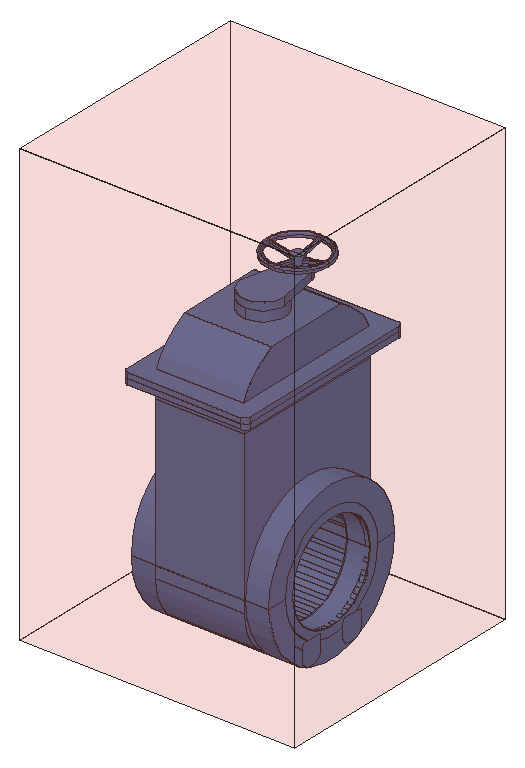
Revit family "Поли-Групп_ЗадвижкаКлиноваяEAZ-МК-F5(ВS)_DN350-1600", category Арматура трубопроводов, Revit 2019
Family settings
  Размер круглого соединителя = Использовать диаметр
  Тип детали = Клапан - Вставляется
  На основе рабочей плоскости = Нет
  Всегда вертикально = Да
  При загрузке вырезать с полостями = Нет
  Общий = Нет
Parameters (values of type "Загрузите типоразмеры из каталог семейств")
  с = H1 - D * 0.5  # 35 mm
  Тип присоединения = "Фланцевое"  # constant formula
  Тип привода = "Редуктор"  # constant formula
  Температура рабочей среды = "0 до +70°С"  # constant formula
  ТВ = "Поли-Групп_ЗадвижкаКлиноваяEAZ-МК-F5(ВS)_DN350-1600"  # constant formula
  Срок службы = "50 лет"  # constant formula
  Сервисная зона_Вкл_Выкл [instance] = yes
  Разработчик = "https://3dbim.pro/"
  Рабочая среда = "Техническая вода, канализационные стоки, морская вода"  # constant formula
  Покрытие = "Высококачественное эпоксидное покрытие толщиной 300 мкм"  # constant formula
  Корпус_Глубина = A * 0.8  # 796.8 mm
  R1 = R * 10  # 275 mm
  L2 = L1 * 0.3  # 111 mm
  L1 = size_lookup(ТВ, "L1", 500 mm, DN, PN)  # 370 mm
  D1 = size_lookup(ТВ, "D1", 340 mm, DN, PN)  # 620 mm
  A = size_lookup(ТВ, "A", 340 mm, DN, PN)  # 996 mm
  l3 = L * 0.9  # 630 mm
  Назначение = "Для установки в качестве запорного устройства на трубопроводах"  # constant formula
  Материал уплотнителя = "PTFE"  # constant formula
  Материал Диска = "Высокопрочный чугун с шаровидным графитом (GGG-40)"  # constant formula
  d1 = DN / 4  # 125 mm
  Класс герметичности = "А по ГОСТ Р 9544-2015"  # constant formula
  Manufacturer = ""
  h2 = H2 * 0.7  # 872.9 mm
  Габаритные размеры = size_lookup(ТВ, "Габаритные размеры", "нет данных", DN, PN)  # "670х700х1617"
  t = h2 * 0.1  # 87.29 mm
  l2 = L * 0.65  # 455 mm
  l1 = L * 0.6  # 420 mm
  b = size_lookup(ТВ, "b", 20 mm, DN, PN)  # 26.5 mm
  PN = 10.0 bar
  H1 = size_lookup(ТВ, "H1", 40 mm, DN, PN)  # 370 mm
  D2 = size_lookup(ТВ, "D2", 295 mm, DN, PN)  # 582 mm
  f = size_lookup(ТВ, "f", 3 mm, DN, PN)  # 4 mm
  URL = ""
  R = size_lookup(ТВ, "R", 40 mm, DN, PN)  # 27.5 mm
  L = size_lookup(ТВ, "L", 500 mm, DN, PN)  # 700 mm
  Kv = size_lookup(ТВ, "Kv", 1.0 m³/h, DN, PN)  # 1.0 m³/h
  H2 = size_lookup(ТВ, "H2", 250 mm, DN, PN)  # 1247 mm
  D_Наружный = DN + 9 mm  # 509 mm
  DN = 500 mm
  D = size_lookup(ТВ, "D", 340 mm, DN, PN)  # 670 mm
  ADSK_Расход жидкости [instance] = 0.0 m³/h
  ADSK_Примечание = ""
  ADSK_Потеря давления жидкости [instance] = (ADSK_Расход жидкости / Kv) ^ 2 * 1.0 bar  # 0.0 bar
  ADSK_Позиция = ""
  ADSK_Обозначение = ""
  ADSK_Наименование краткое = size_lookup(ТВ, "ADSK_Наименование краткое", "нет данных", DN, PN)  # "Задвижка клиновая EAZ MK F5 DN500 PN10"
  ADSK_Наименование = size_lookup(ТВ, "ADSK_Наименование", "нет данных", DN, PN)  # "Задвижка клиновая с металлическим уплотнением EAZ MK F5 для сточных вод фланцевая DN500 PN10"
  ADSK_Материал наименование = "Высокопрочный чугун с шаровидным графитом (GGG-40)"  # constant formula
  ADSK_Материал = Высокопрочный чугун GGG-40
  ADSK_Масса_Текст = size_lookup(ТВ, "ADSK_Масса_Текст", "нет данных", DN, PN)  # "655"
  ADSK_Масса = size_lookup(ТВ, "ADSK_Масса", 0, DN, PN)  # 655
  ADSK_Марка = size_lookup(ТВ, "ADSK_Код изделия", "нет данных", DN, PN)  # "EAZ-GV-3-F5 DN500 PN10"
  ADSK_Количество = 1  # constant formula
  ADSK_Код изделия = ""
  ADSK_Завод-изготовитель = "ООО ПК «Поли-Групп»"  # constant formula
  ADSK_Единица измерения = "шт"  # constant formula
  ADSK_Версия Revit = "2019"  # constant formula
  ADSK_URL страницы изделия = "https://www.polycorr.ru/"
Reference planes
  plane 1 "По центру (Вперед/Назад)": y = 0
  plane 2: z = 0
  plane 3 "По центру (Влево/Вправо)": x = 0
  plane 4: y = 250
  plane 5: y = -250
  plane 6: x = -350
  plane 7: x = 350
  plane 8: x = -154
  plane 9: x = 154
  plane 10: y = 291
  plane 11: y = -291
  plane 12: y = 398.4
  plane 13: y = -398.4
  plane 14 "Корпус": z = 872.9
  plane 15: z = 846.4
  plane 16: z = 759.11
  plane 17: x = -227.5
  plane 18: x = 227.5
  plane 19: x = -210
  plane 20: x = 210
  plane 21: y = 498
  plane 22: y = -498
  plane 23: x = 315
  plane 24: x = -315
  plane 25: y = 398.4
  plane 26: y = -398.4
  plane 27: x = -5
  plane 28: x = 5
  plane 29: z = 250
  plane 30: z = -250
  plane 31 "Штурвал": z = 1247
  plane 32: y = -185
  plane 33: y = 185
  plane 34: z = -370
  plane 35: z = -335
  plane 36: y = -74
  plane 37: y = 74
Forms (mm)
  Revolve 1, solid, material "Высокопрочный чугун GGG-40" <- "ADSK_Материал", detail levels fine
    sketch origin (0, 0, 0) x (1, 0, 0) y (0, 1, 0)
      loop
        line (-350, 398.4) -> (-350, 0) -> (350, 0) -> (350, 398.4) -> (-350, 398.4)
      axis (-350, 0) -> (350, 0)
    angle from 0 to 360
  Extrusion 2, solid, material "Высокопрочный чугун GGG-40" <- "ADSK_Материал", detail levels fine
    sketch origin (-117.677, -1524, 846.4) x (-1, 0, 0) y (0, -1, 0)
      loop
        arc (169.823, -2022) -> (189.268, -2013.945) -> (197.323, -1994.5) r 27.5
        line (197.323, -1994.5) -> (197.323, -1053.5)
        arc (197.323, -1053.5) -> (189.268, -1034.055) -> (169.823, -1026) r 27.5
        line (169.823, -1026) -> (-405.177, -1026)
        arc (-405.177, -1026) -> (-424.623, -1034.055) -> (-432.677, -1053.5) r 27.5
        line (-432.677, -1053.5) -> (-432.677, -1994.5)
        arc (-432.677, -1994.5) -> (-424.623, -2013.945) -> (-405.177, -2022) r 27.5
        line (-405.177, -2022) -> (169.823, -2022)
    from 0 to 26.5
  Extrusion 3, solid, material "Высокопрочный чугун GGG-40" <- "ADSK_Материал", detail levels fine
    sketch origin (-117.677, -1524, 759.11) x (-1, 0, 0) y (0, -1, 0)
      loop
        line (109.823, -1125.6) -> (-345.177, -1125.6) -> (-345.177, -1922.4) -> (109.823, -1922.4) -> (109.823, -1125.6)
    from 0 to 87.29
  Extrusion 4, void
    sketch origin (-154, 168.089, 1200) x (0, -1, 0) y (0, 0, 1)
      loop
        circle (168.089, -1200) r 250
    from 196 to -504
  Extrusion 5, solid, material "Высокопрочный чугун GGG-40" <- "ADSK_Материал", detail levels fine
    sketch origin (0, 0, 0) x (0, 1, 0) y (0, 0, 1)
      loop
        circle (0, 0) r 250
    from -5 to 5
  Extrusion 6, solid, material "Высокопрочный чугун GGG-40" <- "ADSK_Материал", detail levels fine
    sketch origin (0, 0, 0) x (1, 0, 0) y (0, 1, 0)
      loop
        circle (0, 0) r 62.5
    from -250 to 250
  Extrusion 7, solid, material "Высокопрочный чугун GGG-40" <- "ADSK_Материал", detail levels fine
    sketch origin (0, 0, 0) x (0, 1, 0) y (0, 0, 1)
      loop
        line (-398.4, 759.11) -> (-398.4, -60)
        arc (-398.4, -60) -> (-317.854, -254.454) -> (-123.4, -335) r 275
        line (-123.4, -335) -> (123.4, -335)
        arc (123.4, -335) -> (317.854, -254.454) -> (398.4, -60) r 275
        line (398.4, -60) -> (398.4, 759.11) -> (-398.4, 759.11)
    from -227.5 to 227.5
  Extrusion 8, solid, material "Высокопрочный чугун GGG-40" <- "ADSK_Материал", detail levels fine
    sketch origin (0, 0, 0) x (0, 1, 0) y (0, 0, 1)
      loop
        arc (-114, -370) -> (-85.716, -358.284) -> (-74, -330) r 40
        line (-74, -330) -> (-74, -250) -> (-185, -250) -> (-185, -330)
        arc (-185, -330) -> (-173.284, -358.284) -> (-145, -370) r 40
        line (-145, -370) -> (-114, -370)
      loop
        arc (145, -370) -> (173.284, -358.284) -> (185, -330) r 40
        line (185, -330) -> (185, -250) -> (74, -250) -> (74, -330)
        arc (74, -330) -> (85.716, -358.284) -> (114, -370) r 40
        line (114, -370) -> (145, -370)
    from 315 to 350
  Extrusion 9, solid, material "Высокопрочный чугун GGG-40" <- "ADSK_Материал", detail levels fine
    sketch origin (0, 0, 0) x (0, 1, 0) y (0, 0, 1)
      loop
        line (-185, -250) -> (-185, -330)
        arc (-185, -330) -> (-173.284, -358.284) -> (-145, -370) r 40
        line (-145, -370) -> (-114, -370)
        arc (-114, -370) -> (-85.716, -358.284) -> (-74, -330) r 40
        line (-74, -330) -> (-74, -250) -> (-185, -250)
      loop
        line (185, -250) -> (74, -250) -> (74, -330)
        arc (74, -330) -> (85.716, -358.284) -> (114, -370) r 40
        line (114, -370) -> (145, -370)
        arc (145, -370) -> (173.284, -358.284) -> (185, -330) r 40
        line (185, -330) -> (185, -250)
    from -350 to -315
Cuts and joins
  Extrusion 4 cuts Revolve 1
  Extrusion 4 cuts Extrusion 7
Dimensions and locks
  equal spacing: plane 4, plane 1 "По центру (Вперед/Назад)", plane 5
  "DN": plane 4 to plane 5
  equal spacing: plane 10, plane 1 "По центру (Вперед/Назад)", plane 11
  "D2": plane 10 to plane 11
  equal spacing: plane 12, plane 1 "По центру (Вперед/Назад)", plane 13
  "Корпус_Глубина": plane 12 to plane 13
  "b": plane 14 "Корпус" to plane 15
  "h2": plane 14 "Корпус" to plane 2
  equal spacing: plane 19, plane 3 "По центру (Влево/Вправо)", plane 20
  "l1": plane 19 to plane 20
  equal spacing: plane 17, plane 3 "По центру (Влево/Вправо)", plane 18
  "l2": plane 17 to plane 18
  equal spacing: plane 21, plane 1 "По центру (Вперед/Назад)", plane 22
  "A": plane 21 to plane 22
  equal spacing: plane 24, plane 3 "По центру (Влево/Вправо)", plane 23
  "l3": plane 24 to plane 23
  "Корпус_Глубина": plane 25 to plane 26
  equal spacing: plane 26, plane 1 "По центру (Вперед/Назад)", plane 25
  equal spacing: plane 28, plane 3 "По центру (Влево/Вправо)", plane 27
  locked: plane 28 to plane 3 "По центру (Влево/Вправо)" at 5
  "t": plane 15 to plane 16
  equal spacing: plane 29, level, plane 30
  "DN": plane 29 to plane 30
  "H2": plane 31 "Штурвал" to level
  equal spacing: plane 6, nested 3, plane 7
  "L": plane 6 to plane 7
  equal spacing: plane 6, plane 3 "По центру (Влево/Вправо)", plane 7
  equal spacing: plane 32, plane 1 "По центру (Вперед/Назад)", plane 33
  "L1": plane 32 to plane 33
  "H1": level to plane 34
  "с": plane 35 to plane 34
  "L2": plane 32 to plane 36
  "L2": plane 37 to plane 33
  "R": radius of Extrusion 2 sketch curve  (x4)
  "DN": diameter of Extrusion 4 sketch curve
  "DN": diameter of Extrusion 5 sketch curve
  "d1": diameter of Extrusion 6 sketch curve
  "R1": radius of Extrusion 7 sketch curve  (x2)
  radius of Extrusion 8 sketch curve = 40 mm  (x4)
  radius of Extrusion 9 sketch curve = 40 mm  (x4)
  aligned and locked: level to plane 2
  aligned and locked: Revolve 1 sketch curve to plane 12
  aligned and locked: plane 1 "По центру (Вперед/Назад)" to Revolve 1 sketch curve
  aligned and locked: Extrusion 2 sketch curve to plane 21
  aligned and locked: Extrusion 2 sketch curve to plane 24
  aligned and locked: Extrusion 2 sketch curve to plane 22
  aligned and locked: Extrusion 2 sketch curve to plane 23
  aligned and locked: plane 14 "Корпус" to Extrusion 2
  aligned and locked: plane 26 to Extrusion 3 sketch curve
  aligned and locked: Extrusion 3 sketch curve to plane 17
  aligned and locked: Extrusion 3 sketch curve to plane 25
  aligned and locked: Extrusion 3 sketch curve to plane 18
  aligned and locked: Revolve 1 sketch curve to plane 1 "По центру (Вперед/Назад)"
  aligned and locked: nested 1 to plane 1 "По центру (Вперед/Назад)"
  aligned and locked: plane 1 "По центру (Вперед/Назад)" to nested 2
  aligned and locked: Extrusion 5 to plane 27
  aligned and locked: Extrusion 5 to plane 28
  aligned and locked: Extrusion 3 to plane 15
  aligned and locked: Extrusion 6 to plane 30
  aligned and locked: plane 29 to Extrusion 6
  aligned and locked: plane 1 "По центру (Вперед/Назад)" to nested 3
  aligned and locked: plane 7 to nested 2
  aligned and locked: Revolve 1 sketch curve to plane 7
  aligned and locked: cut or joined group of Revolve 1, Extrusion 4 to plane 6
  aligned and locked: Extrusion 4 to plane 6
  aligned and locked: plane 7 to Extrusion 4
  aligned and locked: nested 1 to plane 6
  aligned and locked: plane 3 "По центру (Влево/Вправо)" to nested 4
  aligned and locked: plane 1 "По центру (Вперед/Назад)" to nested 4
  aligned and locked: nested 4 to level
  aligned and locked: plane 3 "По центру (Влево/Вправо)" to nested 5
  aligned and locked: nested 5 to level
  aligned and locked: plane 3 "По центру (Влево/Вправо)" to nested 6
  aligned and locked: Extrusion 7 sketch curve to Extrusion 3  (x2)
  aligned and locked: plane 35 to Extrusion 7 sketch curve
  aligned and locked: Extrusion 7 sketch curve to plane 12
  aligned and locked: Extrusion 7 to plane 17
  aligned and locked: Extrusion 7 to plane 18
  aligned and locked: plane 34 to Extrusion 8 sketch curve  (x2)
  aligned and locked: Extrusion 8 sketch curve to plane 30
  aligned and locked: plane 32 to Extrusion 8 sketch curve
  aligned and locked: Extrusion 8 sketch curve to plane 33
  aligned and locked: Extrusion 6 to Extrusion 8 sketch curve
  aligned and locked: plane 37 to Extrusion 8 sketch curve
  aligned and locked: plane 7 to Extrusion 8
  aligned and locked: Extrusion 8 to plane 23
  aligned and locked: Extrusion 9 sketch curve to plane 30
  aligned and locked: plane 32 to Extrusion 9 sketch curve
  aligned and locked: plane 34 to Extrusion 9 sketch curve
  aligned and locked: Extrusion 9 sketch curve to plane 36
  aligned and locked: plane 30 to Extrusion 9 sketch curve
  aligned and locked: plane 33 to Extrusion 9 sketch curve
  aligned and locked: Extrusion 9 sketch curve to plane 34
  aligned and locked: Extrusion 9 sketch curve to plane 37
  aligned and locked: Extrusion 9 to plane 24
  aligned and locked: Extrusion 9 to plane 6
Automatic sketch dimensions
  Revolve 1 sketch curve to plane 6 = 14 mm
  Revolve 1 sketch curve to plane 7 = 5 mm
  Revolve 1 sketch curve to plane 6 = 0 mm
  Extrusion 8 sketch curve to plane 36 = 0 mm
  Extrusion 9 sketch curve to plane 36 = 0 mm
  Extrusion 4 sketch curve to level = 0 mm
  Extrusion 4 sketch curve to plane 1 "По центру (Вперед/Назад)" = 0 mm
  Extrusion 5 sketch curve to level = 0 mm
  Extrusion 5 sketch curve to plane 1 "По центру (Вперед/Назад)" = 0 mm
  plane 1 "По центру (Вперед/Назад)" to Extrusion 6 sketch curve = 0 mm
  Extrusion 6 sketch curve to plane 3 "По центру (Влево/Вправо)" = 0 mm
Nested families
  nested 1: "Вл_Фланец" at (-323.5, 0, 0) x (-1, 0, 0) z (0, 0, 1), type "Вл_Фланец", detail levels fine
    with D2 582 mm, f 4 mm, D 670 mm, b 26.5 mm, DN 500 mm
  nested 2: "Вл_Фланец" at (323.5, 0, 0), type "Вл_Фланец", detail levels fine
    with D2 582 mm, f 4 mm, D 670 mm, b 26.5 mm, DN 500 mm
  nested 3: "Вл_КрышкаКорпусаРедуктор" at (0, 0, 872.9), type "Вл_КрышкаКорпусаРедуктор", detail levels fine
    with Редуктор_Ширина 220.5 mm, Редуктор_Длина 220.5 mm, Редуктор_Высота 37.41 mm, Крышка_Ширина 441 mm, Крышка_Глубина 796.8 mm, Редуктор_Вал_r1 110.25 mm, l3 630 mm, h2 872.9 mm, A 996 mm, Крышка_Высота 205.352 mm, КрышкаКорпуса_Высота 256.69 mm, Верх_Глубина 13.23 mm, b 26.5 mm, R 27.5 mm, L 700 mm, H2 1247 mm, Редуктор_Вал_r2 66.15 mm, DN 500 mm, D 670 mm
  nested 4: "УГО_АТ_Задвижка" at (-0.685, 0, 0) x (1, 0, 0) z (0, -1, 0), type "УГО_АТ_Задвижка", detail levels coarse+medium
    with УГО_Длина 700 mm, b 202.073 mm
  nested 5: "УГО_ЭУ_Задвижка" at (0, 0, 0) x (1, 0, 0) z (0, -1, 0), type "УГО_ЭУ_Задвижка", detail levels coarse+medium
    with УГО_Длина 700 mm, b 202.073 mm
  nested 6: "Вл_СервиснаяЗона" at (0, 0, -19.073), visible <- "Сервисная зона_Вкл_Выкл", ВысотаНадОсью <- "H2", ВысотаПодОсью <- "H1", Длина <- "L", ДиаметрФланца <- "D", type "Вл_СервиснаяЗона", detail levels fine
    with СЗ_ШиринаНазад 670 mm, СЗ_ШиринаВперед 670 mm, СЗ_Длина 1400 mm, СЗ_ВысотаПодОсью 370 mm, СЗ_ВысотаНадОсью 1870.5 mm, Длина 700 mm, ДиаметрФланца 670 mm, ВысотаПодОсью 370 mm, ВысотаНадОсью 1247 mm, on_off yes
Connectors
  piping at (350, 0, 0), diameter 500, driven by "DN", driven by "ADSK_Расход жидкости"
    settings: on cut or joined group of Revolve 1, Extrusion 4, index 1, connector inside diameter 609.6 mm, connector length 0 mm, flow factor 0, pipe flow 0.0 m³/h, pressure drop 0.0 bar, fitting loss kfactor 0, connector angle 0.00°, fixture units 0, engagement length 0 mm, angle of deflection 0.00°, flow configuration 0, flow direction 0, fitting loss method 0, system type 29, joint type 0, gender type 0, connector reference index 2, connector utility 0, adjustable connector no, is connector primary yes, connector description ""
  piping at (-350, 0, 0), diameter 500, driven by "DN", driven by "ADSK_Расход жидкости", driven by "ADSK_Потеря давления жидкости"
    settings: on cut or joined group of Revolve 1, Extrusion 4, index 2, connector inside diameter 609.6 mm, connector length 0 mm, flow factor 0, pipe flow 0.0 m³/h, pressure drop 0.0 bar, fitting loss kfactor 0, connector angle 0.00°, fixture units 0, engagement length 0 mm, angle of deflection 0.00°, flow configuration 0, flow direction 0, fitting loss method 4, system type 29, joint type 0, gender type 0, connector reference index 1, connector utility 0, adjustable connector no, is connector primary no, connector description ""
Definition of nested family "Вл_Фланец"
  Parameters (values of type "Вл_Фланец")
    Материал = none
    Manufacturer = ""
    D2 = 682 mm
    f = 5 mm
    URL = ""
    D = 780 mm
    b = 36 mm
    DN = 600 mm
  Reference planes
    plane 1 "По центру (Вперед/Назад)": y = 0
    plane 2: z = 0
    plane 3 "По центру (Влево/Вправо)": x = 0
    plane 4: x = 31
    plane 5: x = 36
  Forms (mm)
    Extrusion 1, solid, material <- "Материал"
      sketch origin (0, 0, 0) x (0, 1, 0) y (0, 0, 1)
        loop
          circle (0, 1.343) r 390
        loop
          circle (0, 0) r 300
      from 0 to 31
    Extrusion 2, solid, material <- "Материал"
      sketch origin (31, 232.183, 1200) x (0, 1, 0) y (0, 0, 1)
        loop
          circle (-232.183, -1200) r 341
        loop
          circle (-232.183, -1200) r 300
      from 0 to 5
  Dimensions and locks
    "f": plane 4 to plane 5
    "b": plane 3 "По центру (Влево/Вправо)" to plane 5
    "D": diameter of Extrusion 1 sketch curve
    "DN": diameter of Extrusion 1 sketch curve
    "DN": diameter of Extrusion 2 sketch curve
    "D2": diameter of Extrusion 2 sketch curve
    aligned and locked: level to plane 2
    aligned and locked: Extrusion 1 to plane 4
    aligned and locked: Extrusion 2 to plane 5
  Automatic sketch dimensions
    Extrusion 1 sketch curve to level = 0 mm
    Extrusion 1 sketch curve to plane 1 "По центру (Вперед/Назад)" = 0 mm  (x2)
    level to Extrusion 1 sketch curve = 1.343 mm
    Extrusion 2 sketch curve to Extrusion 2 sketch curve = 0 mm  (x2)
    Extrusion 2 sketch curve to level = 0 mm
    Extrusion 2 sketch curve to plane 1 "По центру (Вперед/Назад)" = 0 mm
Definition of nested family "Вл_КрышкаКорпусаРедуктор"
  Parameters (values of type "Вл_КрышкаКорпусаРедуктор")
    Штурвал_Высота = DO * 0.25  # 80 mm
    Редуктор_Ширина = l3 * 0.35  # 441 mm
    Редуктор_Длина = Редуктор_Вал_r1 * 2  # 441 mm
    Редуктор_Высота = H2 * 0.03  # 79.56 mm
    Крышка_Ширина = l3 * 0.7  # 882 mm
    Крышка_Глубина = A * 0.8  # 1300 mm
    ТВ = "Поли-Групп_ЗадвижкаКлиноваяEAZ-МК-F5(ВS)_DN350-1600"  # constant formula
    Редуктор_Вал_r1 = Редуктор_Ширина * 0.5  # 220.5 mm
    l3 = L * 0.9  # 1260 mm
    Default Elevation = 1219.2 mm
    Материал = none
    h2 = 1856.4 mm
    Manufacturer = ""
    PN = 10.0 bar
    A = size_lookup(ТВ, "A", 500 mm, DN, PN)  # 1625 mm
    Крышка_Высота = КрышкаКорпуса_Высота * 0.8  # 508.832 mm
    КрышкаКорпуса_Высота = H2 - h2 - Редуктор_Высота - Штурвал_Высота  # 636.04 mm
    Верх_Глубина = Редуктор_Вал_r2 / 5  # 26.46 mm
    b = size_lookup(ТВ, "b", 20 mm, DN, PN)  # 45 mm
    URL = ""
    R = size_lookup(ТВ, "R", 500 mm, DN, PN)  # 43 mm
    L = size_lookup(ТВ, "L", 500 mm, DN, PN)  # 1400 mm
    H2 = size_lookup(ТВ, "H2", 250 mm, DN, PN)  # 2652 mm
    Редуктор_Вал_r2 = Редуктор_Ширина * 0.3  # 132.3 mm
    DO = 320 mm  # constant formula
    DN = 1200 mm
    D = size_lookup(ТВ, "D", 340 mm, DN, PN)  # 1455 mm
  Reference planes
    plane 1 "По центру (Вперед/Назад)": y = 0
    plane 2: z = 0
    plane 3 "По центру (Влево/Вправо)": x = 0
    plane 4: y = 812.5
    plane 5: y = -812.5
    plane 6: x = 630
    plane 7: x = -630
    plane 8: z = 45
    plane 9: x = 46.6
    plane 10: x = -46.6
    plane 11: y = 64.5
    plane 12 "1": y = -55
    plane 13: z = 508.832
    plane 14 "ШляпаНиз2": y = 650
    plane 15 "ШляпаНиз1": y = -650
    plane 16: x = 441
    plane 17: x = -441
    plane 18: x = 66.15
    plane 19: x = -66.15
    plane 20: y = 441
    plane 21: y = -441
    plane 22: z = 636.04
    plane 23: z = 254.416
    plane 24: z = 119.481
    plane 25 "Штурвал2": z = 715.6
    plane 26 "Штурвал": y = 441
  Forms (mm)
    Extrusion 1, solid, material <- "Материал"
      sketch origin (0, 0, 0) x (1, 0, 0) y (0, 1, 0)
        loop
          arc (-587, 812.5) -> (-617.406, 799.906) -> (-630, 769.5) r 43
          line (-630, 769.5) -> (-630, -769.5)
          arc (-630, -769.5) -> (-617.406, -799.906) -> (-587, -812.5) r 43
          line (-587, -812.5) -> (587, -812.5)
          arc (587, -812.5) -> (617.406, -799.906) -> (630, -769.5) r 43
          line (630, -769.5) -> (630, 769.5)
          arc (630, 769.5) -> (617.406, 799.906) -> (587, 812.5) r 43
          line (587, 812.5) -> (-587, 812.5)
      from 0 to 45
    Extrusion 2, solid, material <- "Материал"
      sketch origin (0, 76.451, 508.832) x (0, 1, 0) y (-1, 0, 0)
        loop
          circle (-76.451, 0) r 220.5
      from 0 to 127.208
    Extrusion 3, solid, material <- "Материал"
      sketch origin (0, 0, 0) x (0, 1, 0) y (0, 0, 1)
        loop
          spline (-441, 508.832) -> (-474.112, 467.456) -> (-504.371, 426.576) -> (-531.776, 386.19) -> (-556.327, 346.3) -> (-578.024, 306.904) -> (-596.868, 268.004) -> (-612.857, 229.599) -> (-625.993, 191.689) -> (-636.276, 154.274) -> (-643.704, 117.354) -> (-648.279, 80.93) -> (-650, 45)
          line (-650, 45) -> (650, 45)
          spline (650, 45) -> (648.279, 80.93) -> (643.704, 117.354) -> (636.276, 154.274) -> (625.993, 191.689) -> (612.857, 229.599) -> (596.868, 268.004) -> (578.024, 306.904) -> (556.327, 346.3) -> (531.776, 386.19) -> (504.371, 426.576) -> (474.112, 467.456) -> (441, 508.832)
          line (441, 508.832) -> (-441, 508.832)
      from -441 to 441
    Extrusion 4, solid, material <- "Материал"
      sketch origin (0, 0, 0) x (1, 0, 0) y (0, 1, 0)
        loop
          arc (132.3, 441) -> (0, 573.3) -> (-132.3, 441) r 132.3
          line (-132.3, 441) -> (-220.5, 0)
          arc (-220.5, 0) -> (0, -220.5) -> (220.5, 0) r 220.5
          line (220.5, 0) -> (132.3, 441)
      from 715.6 to 636.04
  Dimensions and locks
    equal spacing: plane 7, plane 3 "По центру (Влево/Вправо)", plane 6
    "l3": plane 7 to plane 6
    equal spacing: plane 4, plane 1 "По центру (Вперед/Назад)", plane 5
    "A": plane 4 to plane 5
    "b": plane 8 to plane 2
    "Крышка_Высота": plane 13 to plane 2
    equal spacing: plane 17, plane 3 "По центру (Влево/Вправо)", plane 16
    "Крышка_Ширина": plane 17 to plane 16
    equal spacing: plane 14 "ШляпаНиз2", plane 1 "По центру (Вперед/Назад)", plane 15 "ШляпаНиз1"
    "Крышка_Глубина": plane 14 "ШляпаНиз2" to plane 15 "ШляпаНиз1"
    equal spacing: plane 20, plane 1 "По центру (Вперед/Назад)", plane 21
    equal spacing: plane 19, plane 3 "По центру (Влево/Вправо)", plane 18
    "Крышка_Ширина": plane 20 to plane 21
    "Редуктор_Вал_r2": plane 19 to plane 18
    "КрышкаКорпуса_Высота": plane 22 to plane 2
    "Редуктор_Высота": plane 25 "Штурвал2" to plane 22
    equal spacing: plane 13, plane 23, level
    "Редуктор_Длина": plane 1 "По центру (Вперед/Назад)" to plane 26 "Штурвал"
    "R": radius of Extrusion 1 sketch curve  (x4)
    "Редуктор_Ширина": diameter of Extrusion 2 sketch curve
    "Редуктор_Вал_r2": radius of Extrusion 4 sketch curve
    "Редуктор_Вал_r1": radius of Extrusion 4 sketch curve
    aligned and locked: level to plane 2
    aligned and locked: Extrusion 1 sketch curve to plane 4
    aligned and locked: plane 7 to Extrusion 1 sketch curve
    aligned and locked: plane 5 to Extrusion 1 sketch curve
    aligned and locked: Extrusion 1 sketch curve to plane 6
    aligned and locked: Extrusion 1 to plane 8
    aligned and locked: plane 22 to Extrusion 2
    aligned and locked: Extrusion 3 sketch curve to plane 13
    aligned and locked: plane 14 "ШляпаНиз2" to Extrusion 3 sketch curve
    aligned and locked: plane 15 "ШляпаНиз1" to Extrusion 3 sketch curve
    aligned and locked: Extrusion 3 to plane 8
    aligned and locked: plane 17 to Extrusion 3
    aligned and locked: plane 16 to Extrusion 3
    aligned and locked: plane 21 to Extrusion 3 sketch curve
    aligned and locked: plane 20 to Extrusion 3 sketch curve
    aligned and locked: plane 13 to Extrusion 3 sketch curve
    aligned and locked: plane 25 "Штурвал2" to Extrusion 4
    aligned and locked: Extrusion 4 to plane 22
    aligned and locked: nested 1 to plane 25 "Штурвал2"
    aligned and locked: plane 26 "Штурвал" to Extrusion 4 sketch curve
    aligned and locked: plane 26 "Штурвал" to nested 1
    aligned and locked: plane 3 "По центру (Влево/Вправо)" to nested 1
    aligned and locked: plane 1 "По центру (Вперед/Назад)" to Extrusion 4 sketch curve  (x2)
  Automatic sketch dimensions
    Extrusion 3 sketch curve to plane 8 = 0 mm
    plane 1 "По центру (Вперед/Назад)" to Extrusion 2 sketch curve = 0 mm
    Extrusion 2 sketch curve to plane 3 "По центру (Влево/Вправо)" = 0 mm
    Extrusion 4 sketch curve to plane 3 "По центру (Влево/Вправо)" = 0 mm  (x2)
  Nested families
    nested 1: "Вл_Штурвал" at (0, 441, 715.6), type "Вл_Штурвал"
      with Штурвал_Осьd 300.8 mm, Штурвал_Высота 80 mm, Штурвал_КольцоШирина 19.2 mm, Держалка_Ширина/2 8 mm, Держалка_Ширина 16 mm, Держалка_d 272 mm, Держалка_Отступ 3.2 mm, Штурвал_ВнКольцоВысота 38.4 mm, Штурвал_ВнВысота 52 mm, DO 320 mm, Штурвал_Скруглений_r 6.336 mm, Штурвал_ВнКольцо_r 32 mm, Штурвал_Стойка_D 32 mm, D_Гайка 21.333 mm, DN 300 mm
  Definition of nested family "Вл_Штурвал"
    Parameters (values of type "Вл_Штурвал")
      Штурвал_Осьd = DO - Штурвал_КольцоШирина  # 188 mm
      Штурвал_Высота = DO * 0.25  # 50 mm
      Штурвал_КольцоШирина = DO * 0.06  # 12 mm
      Держалка_Ширина/2 = Держалка_Ширина * 0.5  # 5 mm
      Держалка_Ширина = Штурвал_КольцоШирина / 1.2  # 10 mm
      Держалка_d = Штурвал_Осьd - Штурвал_КольцоШирина * 1.5  # 170 mm
      Держалка_Отступ = Штурвал_Стойка_D * 0.1  # 2 mm
      Default Elevation = 1219.2 mm
      Материал_Штурвал = none
      Manufacturer = ""
      Штурвал_ВнКольцоВысота = Штурвал_ВнКольцо_r * 1.2  # 24 mm
      Штурвал_ВнВысота = Штурвал_Высота * 0.65  # 32.5 mm
      DO = 200 mm
      URL = ""
      Штурвал_Скруглений_r = Штурвал_КольцоШирина * 0.33  # 3.96 mm
      Штурвал_ВнКольцо_r = DO * 0.1  # 20 mm
      Штурвал_Стойка_D = Штурвал_Высота * 0.4  # 20 mm
      D_Гайка = Штурвал_ВнКольцо_r / 1.5  # 13.333 mm
      DN = 100 mm
    Reference planes
      plane 1 "По центру (Вперед/Назад)": y = 0
      plane 2: z = 0
      plane 3 "По центру (Влево/Вправо)": x = 0
      plane 4: x = 100
      plane 5: x = -100
      plane 6: y = 100
      plane 7: y = -100
      plane 8: z = 50
      plane 9: z = 38
      plane 10: x = 88
      plane 11: z = 41.5
      plane 12: z = 43
      plane 13: z = 17.5
      plane 14: x = 20
      plane 15: z = 19.5
    Forms (mm)
      Revolve 1, solid
        sketch origin (0, 0, 0) x (1, 0, 0) y (0, 0, 1)
          loop
            arc (91.96, 50) -> (89.16, 48.84) -> (88, 46.04) r 3.96
            line (88, 46.04) -> (88, 38) -> (100, 38) -> (100, 46.04)
            arc (100, 46.04) -> (98.84, 48.84) -> (96.04, 50) r 3.96
            line (96.04, 50) -> (91.96, 50)
          axis (0, 50) -> (0, 38)
        angle from 0 to 360
      Revolve 2, solid
        sketch origin (0, 0, 0) x (1, 0, 0) y (0, 0, 1)
          loop
            line (0, 41.5) -> (0, 17.5) -> (20, 17.5) -> (20, 41.5) -> (0, 41.5)
          axis (0, 41.5) -> (0, 17.5)
        angle from 0 to 360
      Extrusion 3, solid
        sketch origin (-128.236, -1524, 257.2) x (-1, 0, 0) y (0, -1, 0)
          loop
            circle (-128.236, -1524) r 10
        from -239.7 to -257.2
      Sweep 4, solid
        path in 3D
          loop
            line (0, 7.5, 19.5) -> (0, 85, 38) -> (0, 94, 38)
        profile "Вл_ПрофильШтурвала : Вл_ПрофильШтурвала" origin (0, 89.5, 38) x (0, 0, 1) y (1, 0, 0)
          loop
            arc (10, 1.667) -> (9.024, 4.024) -> (6.667, 5) r 3.333
            line (6.667, 5) -> (0, 5) -> (0, -5) -> (6.667, -5)
            arc (6.667, -5) -> (9.024, -4.024) -> (10, -1.667) r 3.333
            line (10, -1.667) -> (10, 1.667)
      Sweep 5, solid
        path in 3D
          loop
            line (-7.5, 0, 19.5) -> (-85, 0, 38) -> (-94, 0, 38)
        profile "Вл_ПрофильШтурвала : Вл_ПрофильШтурвала" origin (-89.5, 0, 38) x (0, 0, -1) y (0, -1, 0)
          loop
            arc (-10, -1.667) -> (-9.024, -4.024) -> (-6.667, -5) r 3.333
            line (-6.667, -5) -> (0, -5) -> (0, 5) -> (-6.667, 5)
            arc (-6.667, 5) -> (-9.024, 4.024) -> (-10, 1.667) r 3.333
            line (-10, 1.667) -> (-10, -1.667)
      Sweep 6, solid
        path in 3D
          loop
            line (0, -7.5, 19.5) -> (0, -85, 38) -> (0, -94, 38)
        profile "Вл_ПрофильШтурвала : Вл_ПрофильШтурвала" origin (0, -89.5, 38) x (0, 0, -1) y (1, 0, 0)
          loop
            arc (-10, -1.667) -> (-9.024, -4.024) -> (-6.667, -5) r 3.333
            line (-6.667, -5) -> (0, -5) -> (0, 5) -> (-6.667, 5)
            arc (-6.667, 5) -> (-9.024, 4.024) -> (-10, 1.667) r 3.333
            line (-10, 1.667) -> (-10, -1.667)
      Sweep 7, solid
        path in 3D
          loop
            line (7.5, 0, 19.5) -> (85, 0, 38) -> (94, 0, 38)
        profile "Вл_ПрофильШтурвала : Вл_ПрофильШтурвала" origin (89.5, 0, 38) x (0, 0, 1) y (0, -1, 0)
          loop
            arc (10, 1.667) -> (9.024, 4.024) -> (6.667, 5) r 3.333
            line (6.667, 5) -> (0, 5) -> (0, -5) -> (6.667, -5)
            arc (6.667, -5) -> (9.024, -4.024) -> (10, -1.667) r 3.333
            line (10, -1.667) -> (10, 1.667)
    Cuts and joins
      joined: Revolve 1, Revolve 2, Sweep 4, Sweep 5, Sweep 6, Sweep 7
    Lines and regions (mm)
      reference lines
        curve 1: circle (0, 0, 38) r 94 normal (0, 0, 1)
        curve 2: circle (0, 0, 19.5) r 10 normal (0, 0, 1)
        curve 3: circle (0, 0, 38) r 85 normal (0, 0, 1)
        curve 4: line (-7.5, 0, 19.5) -> (-85, 0, 38)
        curve 5: line (-85, 0, 38) -> (-94, 0, 38)
        curve 6: line (7.5, 0, 19.5) -> (85, 0, 38)
        curve 7: line (85, 0, 38) -> (94, 0, 38)
        curve 8: line (0, 7.5, 19.5) -> (0, 85, 38)
        curve 9: line (0, 85, 38) -> (0, 94, 38)
        curve 10: line (0, -7.5, 19.5) -> (0, -85, 38)
        curve 11: line (0, -85, 38) -> (0, -94, 38)
      sketch lines
        curve 12: line (0, 85, 38) -> (0, 94, 38)
        curve 13: line (0, 7.5, 19.5) -> (0, 85, 38)
        curve 14: line (-85, 0, 38) -> (-94, 0, 38)
        curve 15: line (-7.5, 0, 19.5) -> (-85, 0, 38)
        curve 16: line (0, -85, 38) -> (0, -94, 38)
        curve 17: line (0, -7.5, 19.5) -> (0, -85, 38)
        curve 18: line (85, 0, 38) -> (94, 0, 38)
        curve 19: line (7.5, 0, 19.5) -> (85, 0, 38)
    Dimensions and locks
      equal spacing: plane 6, plane 1 "По центру (Вперед/Назад)", plane 7
      "DO": plane 6 to plane 7
      equal spacing: plane 5, plane 3 "По центру (Влево/Вправо)", plane 4
      "DO": plane 5 to plane 4
      "Штурвал_КольцоШирина": plane 8 to plane 9
      "Штурвал_КольцоШирина": plane 4 to plane 10
      "Штурвал_ВнКольцоВысота": plane 11 to plane 13
      "Штурвал_ВнКольцо_r": plane 14 to plane 3 "По центру (Влево/Вправо)"
      "Держалка_Ширина/2": plane 12 to plane 9
      "Штурвал_ВнВысота": plane 8 to plane 13
      "Держалка_Отступ": plane 15 to plane 13
      "Штурвал_Высота": plane 8 to level
      "Штурвал_Стойка_D": diameter of Extrusion 3 sketch curve
      "Штурвал_Осьd": diameter of curve 1
      "Штурвал_ВнКольцо_r": diameter of curve 2
      "Штурвал_Скруглений_r": radius of Revolve 1 sketch curve  (x2)
      "Держалка_d": diameter of curve 3
      aligned and locked: level to plane 2
      aligned and locked: Revolve 1 sketch curve to plane 8
      aligned and locked: plane 10 to Revolve 1 sketch curve
      aligned and locked: plane 9 to Revolve 1 sketch curve
      aligned and locked: Revolve 1 sketch curve to plane 4
      aligned and locked: Revolve 1 sketch curve to plane 3 "По центру (Влево/Вправо)"
      aligned and locked: Revolve 2 sketch curve to plane 11
      aligned and locked: plane 3 "По центру (Влево/Вправо)" to Revolve 2 sketch curve
      aligned and locked: plane 13 to Revolve 2 sketch curve
      aligned and locked: Revolve 2 sketch curve to plane 14
      aligned and locked: Revolve 2 sketch curve to plane 3 "По центру (Влево/Вправо)"
      aligned and locked: curve 2 to curve 4
      aligned and locked: curve 4 to curve 3
      aligned and locked: curve 5 to curve 1
      aligned and locked: curve 2 to curve 6
      aligned and locked: curve 3 to curve 6
      aligned and locked: curve 1 to curve 7
      aligned and locked: curve 2 to curve 8
      aligned and locked: curve 3 to curve 8
      aligned and locked: curve 1 to curve 9
      aligned and locked: curve 2 to curve 10
      aligned and locked: curve 10 to curve 3
      aligned and locked: curve 11 to curve 1
      aligned and locked: Extrusion 3 to level
      aligned and locked: plane 13 to Extrusion 3
    Automatic sketch dimensions
      Revolve 2 sketch curve to plane 13 = 0 mm
      Revolve 2 sketch curve to Revolve 2 sketch curve = 70 mm
      plane 8 to Revolve 2 sketch curve = 40 mm
      plane 5 to curve 5 = 15 mm
      plane 5 to curve 5 = 6 mm
      curve 4 to plane 3 "По центру (Влево/Вправо)" = 7.5 mm
      plane 3 "По центру (Влево/Вправо)" to curve 6 = 7.5 mm
      curve 7 to plane 10 = 3 mm
      curve 7 to plane 4 = 6 mm
      curve 9 to plane 6 = 15 mm
      curve 8 to plane 1 "По центру (Вперед/Назад)" = 7.5 mm
      plane 1 "По центру (Вперед/Назад)" to curve 10 = 7.5 mm
      plane 7 to curve 11 = 15 mm
      plane 7 to curve 11 = 6 mm
      curve 9 to plane 6 = 6 mm
      plane 8 to Revolve 1 sketch curve = 4.2 mm
      Revolve 1 sketch curve to Revolve 1 sketch curve = 155.8 mm
      plane 1 "По центру (Вперед/Назад)" to Extrusion 3 sketch curve = 0 mm
      Extrusion 3 sketch curve to plane 3 "По центру (Влево/Вправо)" = 0 mm
      plane 1 "По центру (Вперед/Назад)" to curve 2 = 0 mm
      curve 2 to plane 3 "По центру (Влево/Вправо)" = 0 mm
      curve 1 to curve 3 = 0 mm  (x2)
      plane 1 "По центру (Вперед/Назад)" to curve 3 = 0 mm
      curve 3 to plane 3 "По центру (Влево/Вправо)" = 0 mm
Definition of nested family "УГО_АТ_Задвижка"
  Parameters (values of type "УГО_АТ_Задвижка")
    УГО_Длина = 210 mm
    b = (УГО_Длина / 2) * tan(30.00°)  # 60.622 mm
  Reference planes
    plane 1 "По центру (Вперед/Назад)": y = 0
    plane 2: z = 0
    plane 3 "По центру (Влево/Вправо)": x = 0.685
    plane 4: z = 60.622
    plane 5: z = -60.622
    plane 6: x = -104.315
    plane 7: x = 105.685
  Forms (mm)
    Extrusion 1, solid
      sketch origin (0, 0, 0) x (1, 0, 0) y (0, 0, 1)
        loop
          line (0.685, 0) -> (-104.315, 60.622) -> (-104.315, -60.622) -> (0.685, 0)
      from -1 to 1
    Extrusion 2, solid
      sketch origin (0, 0, 0) x (-1, 0, 0) y (0, 0, -1)
        loop
          line (-0.685, 0) -> (-105.685, 60.622) -> (-105.685, -60.622) -> (-0.685, 0)
      from -1 to 1
  Lines and regions (mm)
    model lines
      curve 1: line (0.685, 0, 60.622) -> (0.685, 0, -60.622)
  Dimensions and locks
    equal spacing: plane 4, level, plane 5
    "b": plane 4 to level
    equal spacing: plane 7, plane 3 "По центру (Влево/Вправо)", plane 6
    "УГО_Длина": plane 7 to plane 6
    locked: plane 2 to Extrusion 2 sketch curve (angle 30.00°)
    locked: Extrusion 2 sketch curve to plane 2 (angle 30.00°)
    locked: Extrusion 1 sketch curve to plane 2 (angle 30.00°)
    locked: plane 2 to Extrusion 1 sketch curve (angle 30.00°)
    aligned and locked: level to plane 2
    aligned and locked: curve 1 to plane 3 "По центру (Влево/Вправо)"
    aligned and locked: plane 4 to curve 1
    aligned and locked: plane 5 to curve 1
    aligned and locked: Extrusion 1 sketch curve to plane 6
    aligned and locked: Extrusion 2 sketch curve to plane 7
  Automatic sketch dimensions
    Extrusion 1 sketch curve to level = 0 mm
    Extrusion 1 sketch curve to plane 3 "По центру (Влево/Вправо)" = 0 mm
    Extrusion 2 sketch curve to level = 0 mm
    Extrusion 2 sketch curve to plane 3 "По центру (Влево/Вправо)" = 0 mm
Definition of nested family "Вл_СервиснаяЗона"
  Parameters (values of type "Вл_СервиснаяЗона")
    ДиаметрФланца [instance] = 1230 mm
    СЗ_ВысотаПодОсью [instance] = ВысотаПодОсью  # 680 mm
    СЗ_ВысотаНадОсью [instance] = ВысотаНадОсью * 1.5  # 3720 mm
    СЗ_ШиринаВперед [instance] = ДиаметрФланца  # 1230 mm
    Default Elevation = 1219.2 mm
    Материал = none
    Длина [instance] = 550 mm
    СЗ_Длина [instance] = Длина * 2  # 1100 mm
    ВысотаНадОсью [instance] = 2480 mm
    СЗ_ШиринаНазад [instance] = ДиаметрФланца  # 1230 mm
    ВысотаПодОсью [instance] = 680 mm
    on_off [instance] = yes
  Reference planes
    plane 1 "По центру (Вперед/Назад)": y = 0
    plane 2: z = 0
    plane 3 "По центру (Влево/Вправо)": x = 0
    plane 4: x = -550
    plane 5: x = 550
    plane 6: z = 3720
    plane 7: y = 1230
    plane 8: y = -1230
    plane 9: z = -680
  Forms (mm)
    Extrusion 1, solid, material <- "Материал", visible <- "on_off", detail levels fine
      sketch origin (0, 0, 0) x (1, 0, 0) y (0, 1, 0)
        loop
          line (-550, 1230) -> (-550, -1230) -> (550, -1230) -> (550, 1230) -> (-550, 1230)
      from -680 to 3720
  Lines and regions (mm)
    symbolic lines, visible <- "on_off", detail levels fine
      curve 1: line (-550, 0, 3720) -> (550, 0, 3720)
      curve 2: line (550, 0, 3720) -> (550, 0, -680)
      curve 3: line (-550, -1230, 0) -> (-550, 1230, 0)
      curve 4: line (550, 1230, 0) -> (550, -1230, 0)
  Dimensions and locks
    equal spacing: plane 4, plane 3 "По центру (Влево/Вправо)", plane 5
    "СЗ_Длина": plane 4 to plane 5
    "СЗ_ВысотаНадОсью": plane 6 to level
    "СЗ_ВысотаПодОсью": level to plane 9
    "СЗ_ШиринаВперед": plane 1 "По центру (Вперед/Назад)" to plane 8
    "СЗ_ШиринаНазад": plane 7 to plane 1 "По центру (Вперед/Назад)"
    aligned and locked: level to plane 2
    aligned and locked: Extrusion 1 sketch curve to plane 4
    aligned and locked: Extrusion 1 sketch curve to plane 5
    aligned and locked: curve 1 to plane 6
    aligned and locked: curve 2 to plane 5
    aligned and locked: curve 3 to plane 4
    aligned and locked: curve 4 to plane 5
    aligned and locked: plane 9 to curve 2
    aligned and locked: Extrusion 1 to plane 8
    aligned and locked: plane 7 to Extrusion 1
    aligned and locked: plane 6 to Extrusion 1
    aligned and locked: Extrusion 1 to plane 9
  Automatic sketch dimensions
    Extrusion 1 sketch curve to plane 8 = 0 mm
    Extrusion 1 sketch curve to plane 7 = 0 mm
    plane 8 to curve 4 = 0 mm
    curve 3 to plane 8 = 0 mm
    plane 7 to curve 4 = 0 mm
    curve 3 to plane 7 = 0 mm
    curve 1 to plane 4 = 0 mm
Definition of nested family "УГО_ЭУ_Задвижка"
  Parameters (values of type "УГО_ЭУ_Задвижка")
    УГО_Длина = 60 mm
    b = (УГО_Длина / 2) * tan(30.00°)  # 17.321 mm
  Reference planes
    plane 1 "По центру (Вперед/Назад)": y = 0
    plane 2: z = 0
    plane 3 "По центру (Влево/Вправо)": x = 0
    plane 4: x = -30
    plane 5: x = 30
    plane 6: y = 17.321
    plane 7: y = -17.321
  Lines and regions (mm)
    Filled region 1, type "Сплошная заливка - Белый", in view "Опорный уровень"
      outline origin (0, 0, 0) x (1, 0, 0) y (0, 1, 0)
        loop
          line (0, 0) -> (-30, 17.321) -> (-30, -17.321) -> (0, 0)
    Filled region 2, type "Сплошная заливка - Белый", in view "Опорный уровень"
      outline origin (0, 0, 0) x (1, 0, 0) y (0, 1, 0)
        loop
          line (0, 0) -> (30, -17.321) -> (30, 17.321) -> (0, 0)
    detail lines, in view "Опорный уровень"
      curve 1: line (0, 0, 0) -> (-30, 17.321, 0)
      curve 2: line (0, 0, 0) -> (-30, -17.321, 0)
      curve 3: line (-30, -17.321, 0) -> (-30, 17.321, 0)
      curve 4: line (0, 0, 0) -> (30, 17.321, 0)
      curve 5: line (0, 0, 0) -> (30, -17.321, 0)
      curve 6: line (30, -17.321, 0) -> (30, 17.321, 0)
      curve 7: line (0, -17.321, 0) -> (0, 17.321, 0)
  Dimensions and locks
    equal spacing: plane 4, plane 3 "По центру (Влево/Вправо)", plane 5
    "УГО_Длина": plane 4 to plane 5
    equal spacing: plane 6, plane 1 "По центру (Вперед/Назад)", plane 7
    "b": plane 6 to plane 1 "По центру (Вперед/Назад)"
    locked: plane 1 "По центру (Вперед/Назад)" to curve 4 (angle 30.00°)
    locked: curve 1 to plane 1 "По центру (Вперед/Назад)" (angle 30.00°)
    locked: plane 1 "По центру (Вперед/Назад)" to curve 2 (angle 30.00°)
    locked: curve 5 to plane 1 "По центру (Вперед/Назад)" (angle 30.00°)
    aligned and locked: plane 4 to curve 3
    aligned and locked: curve 6 to plane 5
    aligned and locked: Filled region 1 sketch curve to curve 1
    aligned and locked: Filled region 1 sketch curve to curve 3
    aligned and locked: Filled region 1 sketch curve to curve 2
    aligned and locked: Filled region 2 sketch curve to curve 4
    aligned and locked: Filled region 2 sketch curve to curve 6
    aligned and locked: Filled region 2 sketch curve to curve 5
    aligned and locked: plane 3 "По центру (Влево/Вправо)" to curve 7
    aligned and locked: plane 6 to curve 7
    aligned and locked: plane 7 to curve 7
  Automatic sketch dimensions
    plane 1 "По центру (Вперед/Назад)" to curve 2 = 0 mm
    curve 2 to plane 3 "По центру (Влево/Вправо)" = 0 mm
Types in the file's own list only (24): name | с | Корпус_Глубина | R1 | L2 | L1 | D1 | A | l3 | d1 | h2 | Габаритные размеры | t | l2 | l1 | b | PN | H1 | D2 | f | R | L | Kv | H2 | D_Наружный | DN | D | ADSK_Наименование краткое | ADSK_Наименование | ADSK_Масса_Текст | ADSK_Масса | ADSK_Марка
  350-10 | 18 мм | 605 мм | 206 мм | 81 мм | 270 мм | 460 мм | 756 мм | 495 мм | 88 мм | 683 мм | "505х550х1246" | 68 мм | 358 мм | 330 мм | 25 мм | 10.0 бары | 270 мм | 429 мм | 4 мм | 21 мм | 550 мм | 1.0 м³/ч | 976 мм | 359 мм | 350 мм | 505 мм | "Задвижка клиновая EAZ MK F5 DN350 PN10" | "Задвижка клиновая с металлическим уплотнением EAZ MK F5 для сточных вод фланцевая DN350 PN10" | "276" | 276 | "EAZ-GV-3-F5 DN350 PN10"
  400-10 | 18 мм | 669 мм | 206 мм | 90 мм | 300 мм | 515 мм | 836 мм | 540 мм | 100 мм | 748 мм | "565х600х1368" | 75 мм | 390 мм | 360 мм | 25 мм | 10.0 бары | 300 мм | 480 мм | 4 мм | 21 мм | 600 мм | 1.0 м³/ч | 1068 мм | 409 мм | 400 мм | 565 мм | "Задвижка клиновая EAZ MK F5 DN400 PN10" | "Задвижка клиновая с металлическим уплотнением EAZ MK F5 для сточных вод фланцевая DN400 PN10" | "330" | 330 | "EAZ-GV-3-F5 DN400 PN10"
  450-10 | 23 мм | 733 мм | 275 мм | 99 мм | 330 мм | 565 мм | 916 мм | 585 мм | 113 мм | 826 мм | "615х650х1510" | 83 мм | 423 мм | 390 мм | 26 мм | 10.0 бары | 330 мм | 530 мм | 4 мм | 28 мм | 650 мм | 1.0 м³/ч | 1180 мм | 459 мм | 450 мм | 615 мм | "Задвижка клиновая EAZ MK F5 DN450 PN10" | "Задвижка клиновая с металлическим уплотнением EAZ MK F5 для сточных вод фланцевая DN450 PN10" | "419" | 419 | "EAZ-GV-3-F5 D450 PN10"
  500-10 | 35 мм | 797 мм | 275 мм | 111 мм | 370 мм | 620 мм | 996 мм | 630 мм | 125 мм | 873 мм | "670х700х1617" | 87 мм | 455 мм | 420 мм | 27 мм | 10.0 бары | 370 мм | 582 мм | 4 мм | 28 мм | 700 мм | 1.0 м³/ч | 1247 мм | 509 мм | 500 мм | 670 мм | "Задвижка клиновая EAZ MK F5 DN500 PN10" | "Задвижка клиновая с металлическим уплотнением EAZ MK F5 для сточных вод фланцевая DN500 PN10" | "655" | 655 | "EAZ-GV-3-F5 DN500 PN10"
  600-10 | 40 мм | 861 мм | 275 мм | 129 мм | 430 мм | 725 мм | 1076 мм | 720 мм | 150 мм | 991 мм | "780х800х1846" | 99 мм | 520 мм | 480 мм | 30 мм | 10.0 бары | 430 мм | 682 мм | 5 мм | 28 мм | 800 мм | 1.0 м³/ч | 1416 мм | 609 мм | 600 мм | 780 мм | "Задвижка клиновая EAZ MK F5 DN600 PN10" | "Задвижка клиновая с металлическим уплотнением EAZ MK F5 для сточных вод фланцевая DN600 PN10" | "775" | 775 | "EAZ-GV-3-F5 DN600 PN10"
  700-10 | 48 мм | 925 мм | 307 мм | 149 мм | 495 мм | 840 мм | 1156 мм | 810 мм | 175 мм | 1266 мм | "895х900х2303" | 127 мм | 585 мм | 540 мм | 33 мм | 10.0 бары | 495 мм | 794 мм | 5 мм | 31 мм | 900 мм | 1.0 м³/ч | 1808 мм | 709 мм | 700 мм | 895 мм | "Задвижка клиновая EAZ MK F5 DN700 PN10" | "Задвижка клиновая с металлическим уплотнением EAZ MK F5 для сточных вод фланцевая DN700 PN10" | "1700" | 1700 | "EAZ-GV-3-F5 DN700 PN10"
  800-10 | 33 мм | 994 мм | 330 мм | 162 мм | 540 мм | 950 мм | 1242 мм | 900 мм | 200 мм | 1367 мм | "1015х1000х2493" | 137 мм | 650 мм | 600 мм | 35 мм | 10.0 бары | 540 мм | 901 мм | 5 мм | 33 мм | 1000 мм | 1.0 м³/ч | 1953 мм | 809 мм | 800 мм | 1015 мм | "Задвижка клиновая EAZ MK F5 DN800 PN10" | "Задвижка клиновая с металлическим уплотнением EAZ MK F5 для сточных вод фланцевая DN800 PN10" | "2245" | 2245 | "EAZ-GV-3-F5 DN800 PN10"
  900-10 | 88 мм | 1138 мм | 370 мм | 180 мм | 600 мм | 1050 мм | 1423 мм | 990 мм | 225 мм | 1492 мм | "1115х1100х2777" | 149 мм | 715 мм | 660 мм | 38 мм | 10.0 бары | 645 мм | 1001 мм | 5 мм | 37 мм | 1100 мм | 1.0 м³/ч | 2132 мм | 909 мм | 900 мм | 1115 мм | "Задвижка клиновая EAZ MK F5 DN900 PN10" | "Задвижка клиновая с металлическим уплотнением EAZ MK F5 для сточных вод фланцевая DN900 PN10" | "3110" | 3110 | "EAZ-GV-3-F5 DN900 PN10"
  1000-10 | 65 мм | 1158 мм | 390 мм | 204 мм | 680 мм | 1160 мм | 1448 мм | 1080 мм | 250 мм | 1653 мм | "1230х1200х3042" | 165 мм | 780 мм | 720 мм | 40 мм | 10.0 бары | 680 мм | 1112 мм | 5 мм | 39 мм | 1200 мм | 1.0 м³/ч | 2362 мм | 1009 мм | 1000 мм | 1230 мм | "Задвижка клиновая EAZ MK F5 DN1000 PN10" | "Задвижка клиновая с металлическим уплотнением EAZ MK F5 для сточных вод фланцевая DN1000 PN10" | "3510" | 3510 | "EAZ-GV-3-F5 DN1000 PN10"
  1200-10 | 73 мм | 1300 мм | 430 мм | 240 мм | 800 мм | 1380 мм | 1625 мм | 1260 мм | 300 мм | 1856 мм | "1455х1400х3452" | 186 мм | 910 мм | 840 мм | 45 мм | 10.0 бары | 800 мм | 1328 мм | 5 мм | 43 мм | 1400 мм | 1.0 м³/ч | 2652 мм | 1209 мм | 1200 мм | 1455 мм | "Задвижка клиновая EAZ MK F5 DN1200 PN10" | "Задвижка клиновая с металлическим уплотнением EAZ MK F5 для сточных вод фланцевая DN1200 PN10" | "5180" | 5180 | "EAZ-GV-3-F5 DN1200 PN10"
  1400-10 | 33 мм | 1488 мм | 510 мм | 261 мм | 870 мм | 1590 мм | 1860 мм | 1440 мм | 350 мм | 2080 мм | "1675х1600х3842" | 208 мм | 1040 мм | 960 мм | 46 мм | 10.0 бары | 870 мм | 1530 мм | 5 мм | 51 мм | 1600 мм | 1.0 м³/ч | 2972 мм | 1409 мм | 1400 мм | 1675 мм | "Задвижка клиновая EAZ MK F5 DN1400 PN10" | "Задвижка клиновая с металлическим уплотнением EAZ MK F5 для сточных вод фланцевая DN1400 PN10" | "7128" | 7128 | "EAZ-GV-3-F5 DN1400 PN10"
  1600-10 | 43 мм | 1652 мм | 630 мм | 300 мм | 1000 мм | 1820 мм | 2065 мм | 1440 мм | 400 мм | 2366 мм | "1915х1600х4380" | 237 мм | 1040 мм | 960 мм | 49 мм | 10.0 бары | 1000 мм | 1750 мм | 5 мм | 63 мм | 1600 мм | 1.0 м³/ч | 3380 мм | 1609 мм | 1600 мм | 1915 мм | "Задвижка клиновая EAZ MK F5 DN1600 PN10" | "Задвижка клиновая с металлическим уплотнением EAZ MK F5 для сточных вод фланцевая DN1600 PN10" | "10200" | 10200 | "EAZ-GV-3-F5 DN1600 PN10"
  350-16 | 10 мм | 605 мм | 206 мм | 81 мм | 270 мм | 470 мм | 756 мм | 495 мм | 88 мм | 683 мм | "520х550х1246" | 68 мм | 358 мм | 330 мм | 27 мм | 16.0 бары | 270 мм | 429 мм | 4 мм | 21 мм | 550 мм | 1.0 м³/ч | 976 мм | 359 мм | 350 мм | 520 мм | "Задвижка клиновая EAZ MK F5 DN350 PN16" | "Задвижка клиновая с металлическим уплотнением EAZ MK F5 для сточных вод фланцевая DN350 PN16" | "285" | 285 | "EAZ-GV-3-F5 DN350 PN16"
  400-16 | 10 мм | 669 мм | 206 мм | 90 мм | 300 мм | 525 мм | 836 мм | 540 мм | 100 мм | 748 мм | "580х600х1368" | 75 мм | 390 мм | 360 мм | 28 мм | 16.0 бары | 300 мм | 480 мм | 4 мм | 21 мм | 600 мм | 1.0 м³/ч | 1068 мм | 409 мм | 400 мм | 580 мм | "Задвижка клиновая EAZ MK F5 DN400 PN16" | "Задвижка клиновая с металлическим уплотнением EAZ MK F5 для сточных вод фланцевая DN400 PN16" | "335" | 335 | "EAZ-GV-3-F5 DN400 PN16"
  450-16 | 10 мм | 733 мм | 275 мм | 99 мм | 330 мм | 585 мм | 916 мм | 585 мм | 113 мм | 826 мм | "640х650х1510" | 83 мм | 423 мм | 390 мм | 30 мм | 16.0 бары | 330 мм | 548 мм | 4 мм | 28 мм | 650 мм | 1.0 м³/ч | 1180 мм | 459 мм | 450 мм | 640 мм | "Задвижка клиновая EAZ MK F5 DN450 PN16" | "Задвижка клиновая с металлическим уплотнением EAZ MK F5 для сточных вод фланцевая DN450 PN16" | "425" | 425 | "EAZ-GV-3-F5 DN450 PN16"
  500-16 | 13 мм | 797 мм | 275 мм | 111 мм | 370 мм | 650 мм | 996 мм | 630 мм | 125 мм | 873 мм | "715х700х1617" | 87 мм | 455 мм | 420 мм | 32 мм | 16.0 бары | 370 мм | 609 мм | 4 мм | 28 мм | 700 мм | 1.0 м³/ч | 1247 мм | 509 мм | 500 мм | 715 мм | "Задвижка клиновая EAZ MK F5 DN500 PN16" | "Задвижка клиновая с металлическим уплотнением EAZ MK F5 для сточных вод фланцевая DN500 PN16" | "668" | 668 | "EAZ-GV-3-F5 DN500 PN16"
  600-16 | 10 мм | 861 мм | 275 мм | 129 мм | 430 мм | 770 мм | 1076 мм | 720 мм | 150 мм | 991 мм | "840х800х1846" | 99 мм | 520 мм | 480 мм | 36 мм | 16.0 бары | 430 мм | 720 мм | 5 мм | 28 мм | 800 мм | 1.0 м³/ч | 1416 мм | 609 мм | 600 мм | 840 мм | "Задвижка клиновая EAZ MK F5 DN600 PN16" | "Задвижка клиновая с металлическим уплотнением EAZ MK F5 для сточных вод фланцевая DN600 PN16" | "790" | 790 | "EAZ-GV-3-F5 DN600 PN16"
  700-16 | 40 мм | 925 мм | 307 мм | 149 мм | 495 мм | 840 мм | 1156 мм | 810 мм | 175 мм | 1266 мм | "910х900х2303" | 127 мм | 585 мм | 540 мм | 40 мм | 16.0 бары | 495 мм | 794 мм | 5 мм | 31 мм | 900 мм | 1.0 м³/ч | 1808 мм | 709 мм | 700 мм | 910 мм | "Задвижка клиновая EAZ MK F5 DN700 PN16" | "Задвижка клиновая с металлическим уплотнением EAZ MK F5 для сточных вод фланцевая DN700 PN16" | "1765" | 1765 | "EAZ-GV-3-F5 DN700 PN16"
  800-16 | 28 мм | 994 мм | 330 мм | 162 мм | 540 мм | 950 мм | 1242 мм | 900 мм | 200 мм | 1367 мм | "1025х1000х2493" | 137 мм | 650 мм | 600 мм | 43 мм | 16.0 бары | 540 мм | 901 мм | 5 мм | 33 мм | 1000 мм | 1.0 м³/ч | 1953 мм | 809 мм | 800 мм | 1025 мм | "Задвижка клиновая EAZ MK F5 DN800 PN16" | "Задвижка клиновая с металлическим уплотнением EAZ MK F5 для сточных вод фланцевая DN800 PN16" | "2460" | 2460 | "EAZ-GV-3-F5 DN800 PN16"
  900-16 | 83 мм | 1138 мм | 370 мм | 180 мм | 600 мм | 1050 мм | 1423 мм | 990 мм | 225 мм | 1492 мм | "1125х1100х2777" | 149 мм | 715 мм | 660 мм | 47 мм | 16.0 бары | 645 мм | 1001 мм | 5 мм | 37 мм | 1100 мм | 1.0 м³/ч | 2132 мм | 909 мм | 900 мм | 1125 мм | "Задвижка клиновая EAZ MK F5 DN900 PN16" | "Задвижка клиновая с металлическим уплотнением EAZ MK F5 для сточных вод фланцевая DN900 PN16" | "3160" | 3160 | "EAZ-GV-3-F5 DN900 PN16"
  1000-16 | 53 мм | 1158 мм | 390 мм | 204 мм | 680 мм | 1160 мм | 1448 мм | 1080 мм | 250 мм | 1653 мм | "1255х1200х3042" | 165 мм | 780 мм | 720 мм | 50 мм | 16.0 бары | 680 мм | 1112 мм | 5 мм | 39 мм | 1200 мм | 1.0 м³/ч | 2362 мм | 1009 мм | 1000 мм | 1255 мм | "Задвижка клиновая EAZ MK F5 DN1000 PN16" | "Задвижка клиновая с металлическим уплотнением EAZ MK F5 для сточных вод фланцевая DN1000 PN16" | "3625" | 3625 | "EAZ-GV-3-F5 DN1000 PN16"
  1200-16 | 58 мм | 1300 мм | 430 мм | 240 мм | 800 мм | 1380 мм | 1625 мм | 1260 мм | 300 мм | 1856 мм | "1485х1400х3452" | 186 мм | 910 мм | 840 мм | 57 мм | 16.0 бары | 800 мм | 1328 мм | 5 мм | 43 мм | 1400 мм | 1.0 м³/ч | 2652 мм | 1209 мм | 1200 мм | 1485 мм | "Задвижка клиновая EAZ MK F5 DN1200 PN16" | "Задвижка клиновая с металлическим уплотнением EAZ MK F5 для сточных вод фланцевая DN1200 PN16" | "5250" | 5250 | "EAZ-GV-3-F5 DN1200 PN16"
  1400-16 | 28 мм | 1488 мм | 510 мм | 261 мм | 870 мм | 1590 мм | 1860 мм | 1440 мм | 350 мм | 2107 мм | "1685х1600х3880" | 211 мм | 1040 мм | 960 мм | 60 мм | 16.0 бары | 870 мм | 1530 мм | 5 мм | 51 мм | 1600 мм | 1.0 м³/ч | 3010 мм | 1409 мм | 1400 мм | 1685 мм | "Задвижка клиновая EAZ MK F5 DN1400 PN16" | "Задвижка клиновая с металлическим уплотнением EAZ MK F5 для сточных вод фланцевая DN1400 PN16" | "7980" | 7980 | "EAZ-GV-3-F5 DN1400 PN16"
  1600-16 | 35 мм | 1652 мм | 630 мм | 300 мм | 1000 мм | 1820 мм | 2065 мм | 1440 мм | 400 мм | 2387 мм | "1930х1600х4410" | 239 мм | 1040 мм | 960 мм | 65 мм | 16.0 бары | 1000 мм | 1750 мм | 5 мм | 63 мм | 1600 мм | 1.0 м³/ч | 3410 мм | 1609 мм | 1600 мм | 1930 мм | "Задвижка клиновая EAZ MK F5 DN1600 PN16" | "Задвижка клиновая с металлическим уплотнением EAZ MK F5 для сточных вод фланцевая DN1600 PN16" | "10500" | 10500 | "EAZ-GV-3-F5 DN1600 PN16"
